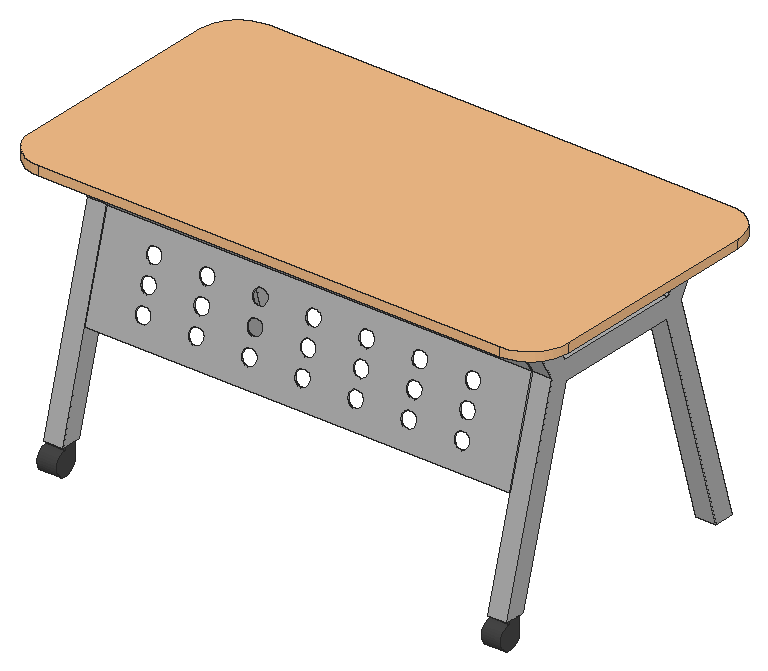
Revit family
Parameters (values of type "GD014(1400*750*720)")
  폭 = 1400 mm
  Assembly Code = ""
  상판 두께 = 22 mm
  데스크상판재료 = 데스크 상판
  다리 폭 = 50 mm
  높이 = 720 mm
  깊이 = 750 mm
  가림판 두께 = 1.6 mm
Reference planes
  plane 1 "Center (Front/Back)": y = 0
  plane 2: z = 0
  plane 3 "Center (Left/Right)": x = 0
  plane 4 "left": x = -700
  plane 5 "right": x = 700
  plane 6 "front": y = -375
  plane 7 "back": y = 375
  plane 8 "top": z = 720
  plane 9 "가림 상판": through (4267.2, -275, 688) normal (0, 0.866, 0.5)
  plane 10 "가림 하판": through (4267.2, -210, 575.417) normal (0, 0.9613, -0.2756)
Forms (mm)
  Extrusion 1, solid, material "데스크 상판" <- "데스크상판재료"
    sketch origin (0, 0, 0) x (1, 0, 0) y (0, 1, 0)
      loop
        arc (-600, 375) -> (-670.711, 345.711) -> (-700, 275) r 100
        line (-700, 275) -> (-700, -275)
        arc (-700, -275) -> (-670.711, -345.711) -> (-600, -375) r 100
        line (-600, -375) -> (600, -375)
        arc (600, -375) -> (670.711, -345.711) -> (700, -275) r 100
        line (700, -275) -> (700, 275)
        arc (700, 275) -> (670.711, 345.711) -> (600, 375) r 100
        line (600, 375) -> (-600, 375)
    from 698 to 720
  Extrusion 2, solid, material "알루미늄"
    sketch origin (-700, 0, 0) x (0, 1, 0) y (0, 0, 1)
      loop
        line (-275, 698) -> (-275, 688) -> (-210, 575.417) -> (-355.216, 68.994) -> (-345, 68.994) -> (-315, 68.994) -> (-303.201, 68.994) -> (-165.154, 550.417) -> (165.154, 550.417) -> (322.985, 0) -> (375, 0) -> (210, 575.417) -> (275, 688) -> (275, 698) -> (-275, 698)
      loop
        line (-217.265, 688) -> (-166.699, 600.417) -> (166.699, 600.417) -> (217.265, 688) -> (-217.265, 688)
    from 96.552 to 146.552
  Extrusion 3, solid, material "휠"
    sketch origin (-700, 0, 0) x (0, 1, 0) y (0, 0, 1)
      loop
        line (-345, 68.994) -> (-345, 60.044)
        arc (-345, 60.044) -> (-366.859, 9.004) -> (-315.478, 30.047) r 30
        line (-315.478, 30.047) -> (-315.478, 68.994) -> (-345, 68.994)
    from 96.552 to 146.552
  Extrusion 4, solid, material "알루미늄"
    sketch origin (600, 0, 0) x (0, 1, 0) y (0, 0, -1)
      loop
        line (-275, -698) -> (275, -698) -> (275, -688) -> (210, -575.417) -> (375, 0) -> (322.985, 0) -> (165.154, -550.417) -> (-165.154, -550.417) -> (-303.201, -68.994) -> (-315, -68.994) -> (-345, -68.994) -> (-355.216, -68.994) -> (-210, -575.417) -> (-275, -688) -> (-275, -698)
      loop
        line (-217.265, -688) -> (217.265, -688) -> (166.699, -600.417) -> (-166.699, -600.417) -> (-217.265, -688)
    from -3.448 to 46.552
  Extrusion 5, solid, material "휠"
    sketch origin (600, 0, 0) x (0, 1, 0) y (0, 0, -1)
      loop
        line (-345, -68.994) -> (-315.478, -68.994) -> (-315.478, -30.047)
        arc (-315.478, -30.047) -> (-366.859, -9.004) -> (-345, -60.044) r 30
        line (-345, -60.044) -> (-345, -68.994)
    from -3.448 to 46.552
  Extrusion 6, solid, material "알루미늄"
    sketch origin (-800, 0, 0) x (0, 1, 0) y (0, 0, 1)
      loop
        line (-275, 688) -> (-276.386, 687.2) -> (-211.725, 575.205) -> (-284.146, 322.646) -> (-282.608, 322.205) -> (-210, 575.417) -> (-275, 688)
    from 246.552 to 1353.448
  Extrusion 7, void
    sketch origin (0, 91.663, 52.922) x (0, -0.5, 0.866025) y (1, 0, 0)
      loop
        circle (671.785, -415.086) r 20
      loop
        circle (671.785, -276.724) r 20
      loop
        circle (671.785, -138.362) r 20
      loop
        circle (671.785, 0) r 20
      loop
        circle (671.785, 138.362) r 20
      loop
        circle (671.785, 276.724) r 20
      loop
        circle (671.785, 415.086) r 20
    from 0 to -1.6
  Extrusion 8, void
    sketch origin (0, -346.508, 99.361) x (0, 0.27564, 0.961261) y (1, 0, 0)
      loop
        circle (430.228, -415.086) r 20
      loop
        circle (430.228, -276.724) r 20
      loop
        circle (430.228, -138.362) r 20
      loop
        circle (430.228, 0) r 20
      loop
        circle (430.228, 138.362) r 20
      loop
        circle (430.228, 276.724) r 20
      loop
        circle (430.228, 415.086) r 20
      loop
        circle (365.228, -415.086) r 20
      loop
        circle (365.228, -276.724) r 20
      loop
        circle (365.228, -138.362) r 20
      loop
        circle (365.228, 0) r 20
      loop
        circle (365.228, 138.362) r 20
      loop
        circle (365.228, 276.724) r 20
      loop
        circle (365.228, 415.086) r 20
      loop
        circle (300.228, -415.086) r 20
      loop
        circle (300.228, -276.724) r 20
      loop
        circle (300.228, -138.362) r 20
      loop
        circle (300.228, 0) r 20
      loop
        circle (300.228, 138.362) r 20
      loop
        circle (300.228, 276.724) r 20
      loop
        circle (300.228, 415.086) r 20
    from 0 to -1.6
Cuts and joins
  Extrusion 7, Extrusion 8 cuts Extrusion 6
Dimensions and locks
  "깊이": plane 6 "front" to plane 7 "back"
  equal spacing: plane 6 "front", plane 1 "Center (Front/Back)", plane 7 "back"
  "높이": plane 8 "top" to level
  "폭": plane 4 "left" to plane 5 "right"
  equal spacing: plane 4 "left", plane 3 "Center (Left/Right)", plane 5 "right"
  "상판 두께": Extrusion 1 to Extrusion 1
  "다리 폭": Extrusion 2 to Extrusion 2
  "다리 폭": Extrusion 4 to Extrusion 4
  Extrusion 4 to Extrusion 5 = 40.478 mm
  equal spacing: Extrusion 2, plane 3 "Center (Left/Right)", Extrusion 4
  equal spacing: Extrusion 6, Extrusion 7 sketch curve, Extrusion 7 sketch curve, Extrusion 7 sketch curve, Extrusion 7 sketch curve, Extrusion 7 sketch curve, Extrusion 7 sketch curve, Extrusion 7 sketch curve, Extrusion 6
  "가림판 두께": cut or joined group of Extrusion 6, Extrusion 7, Extrusion 8 to Extrusion 4
  equal spacing: cut or joined group of Extrusion 6, Extrusion 7, Extrusion 8, Extrusion 8 sketch curve, Extrusion 8 sketch curve, Extrusion 8 sketch curve, Extrusion 8 sketch curve, Extrusion 8 sketch curve, Extrusion 8 sketch curve, Extrusion 8 sketch curve, cut or joined group of Extrusion 6, Extrusion 7, Extrusion 8  (x3)
  aligned and locked: plane 7 "back" to Extrusion 1 sketch curve
  aligned and locked: Extrusion 1 sketch curve to plane 5 "right"
  aligned and locked: plane 8 "top" to Extrusion 1
  aligned and locked: Extrusion 1 to Extrusion 2 sketch curve
  aligned and locked: level to Extrusion 2 sketch curve
  aligned and locked: Extrusion 3 sketch curve to Extrusion 2
  aligned and locked: plane 5 "right" to Extrusion 1
  aligned and locked: Extrusion 1 to plane 4 "left"
  aligned and locked: Extrusion 2 to Extrusion 3
  aligned and locked: Extrusion 3 to Extrusion 2
  aligned and locked: Extrusion 5 sketch curve to Extrusion 4
  aligned and locked: Extrusion 4 to Extrusion 5
  aligned and locked: Extrusion 5 to Extrusion 4
  aligned and locked: Extrusion 1 to Extrusion 2
  aligned and locked: Extrusion 6 to Extrusion 4
  aligned and locked: Extrusion 6 to Extrusion 2
  aligned and locked: cut or joined group of Extrusion 6, Extrusion 7, Extrusion 8 to Extrusion 4  (x2)
  aligned and locked: Extrusion 2 to Extrusion 4  (x6)
  aligned and locked: plane 10 "가림 하판" to Extrusion 4
  aligned and locked: plane 9 "가림 상판" to Extrusion 4
  aligned and locked: Extrusion 6 sketch curve to Extrusion 2  (x2)
Automatic sketch dimensions
  Extrusion 1 sketch curve to plane 4 "left" = 0 mm
  Extrusion 1 sketch curve to plane 6 "front" = 0 mm
  plane 4 "left" to Extrusion 1 sketch curve = 100 mm  (x2)
  Extrusion 1 sketch curve to plane 5 "right" = 100 mm
  Extrusion 1 sketch curve to Extrusion 1 sketch curve = 100 mm
  Extrusion 2 sketch curve to plane 7 "back" = 0 mm
  plane 7 "back" to Extrusion 2 sketch curve = 52.015 mm
  plane 7 "back" to Extrusion 2 sketch curve = 100 mm
  Extrusion 2 sketch curve to plane 8 "top" = 32 mm
  Extrusion 2 sketch curve to Extrusion 2 sketch curve = 57.735 mm  (x2)
  Extrusion 2 sketch curve to Extrusion 2 sketch curve = 7.265 mm
  Extrusion 2 sketch curve to Extrusion 2 sketch curve = 43.301 mm  (x2)
  Extrusion 2 sketch curve to Extrusion 2 sketch curve = 1.545 mm  (x2)
  plane 1 "Center (Front/Back)" to Extrusion 2 sketch curve = 165.154 mm
  Extrusion 2 sketch curve to Extrusion 2 sketch curve = 50.566 mm
  plane 6 "front" to Extrusion 2 sketch curve = 71.799 mm
  Extrusion 2 sketch curve to Extrusion 2 sketch curve = 11.799 mm
  Extrusion 2 sketch curve to Extrusion 2 sketch curve = 30 mm
  Extrusion 2 sketch curve to Extrusion 2 sketch curve = 10.216 mm
  level to Extrusion 2 sketch curve = 68.994 mm
  Extrusion 2 sketch curve to Extrusion 2 sketch curve = 137.583 mm
  Extrusion 2 sketch curve to Extrusion 2 sketch curve = 25 mm  (x3)
  Extrusion 2 sketch curve to Extrusion 2 sketch curve = 10 mm  (x2)
  plane 6 "front" to Extrusion 3 sketch curve = 29.522 mm
  Extrusion 3 sketch curve to Extrusion 3 sketch curve = 0.478 mm
  Extrusion 3 sketch curve to Extrusion 3 sketch curve = 29.522 mm
  Extrusion 3 sketch curve to Extrusion 3 sketch curve = 8.95 mm
  Extrusion 3 sketch curve to Extrusion 3 sketch curve = 0 mm
  Extrusion 4 sketch curve to level = 0 mm
  Extrusion 4 sketch curve to plane 7 "back" = 0 mm
  plane 7 "back" to Extrusion 4 sketch curve = 52.015 mm
  Extrusion 4 sketch curve to plane 8 "top" = 22 mm
  plane 7 "back" to Extrusion 4 sketch curve = 100 mm
  Extrusion 4 sketch curve to plane 8 "top" = 32 mm
  Extrusion 4 sketch curve to Extrusion 4 sketch curve = 57.735 mm  (x2)
  Extrusion 4 sketch curve to Extrusion 4 sketch curve = 7.265 mm
  Extrusion 4 sketch curve to Extrusion 4 sketch curve = 43.301 mm  (x2)
  Extrusion 4 sketch curve to Extrusion 4 sketch curve = 1.545 mm  (x2)
  plane 1 "Center (Front/Back)" to Extrusion 4 sketch curve = 165.154 mm
  Extrusion 4 sketch curve to Extrusion 4 sketch curve = 50.566 mm
  plane 6 "front" to Extrusion 4 sketch curve = 71.799 mm
  Extrusion 4 sketch curve to Extrusion 4 sketch curve = 11.799 mm
  Extrusion 4 sketch curve to Extrusion 4 sketch curve = 30 mm
  Extrusion 4 sketch curve to Extrusion 4 sketch curve = 10.216 mm
  Extrusion 4 sketch curve to Extrusion 4 sketch curve = 10 mm  (x2)
  Extrusion 4 sketch curve to Extrusion 4 sketch curve = 87.583 mm
  Extrusion 4 sketch curve to Extrusion 4 sketch curve = 25 mm  (x2)
  Extrusion 4 sketch curve to Extrusion 4 sketch curve = 50 mm
  level to Extrusion 4 sketch curve = 68.994 mm
  plane 6 "front" to Extrusion 5 sketch curve = 29.522 mm
  Extrusion 5 sketch curve to Extrusion 5 sketch curve = 0.478 mm
  Extrusion 5 sketch curve to Extrusion 5 sketch curve = 29.522 mm
  Extrusion 5 sketch curve to Extrusion 5 sketch curve = 8.95 mm
  Extrusion 5 sketch curve to Extrusion 5 sketch curve = 0 mm
  Extrusion 6 sketch curve to plane 8 "top" = 32 mm
  Extrusion 6 sketch curve to Extrusion 6 sketch curve = 1.386 mm
  plane 6 "front" to Extrusion 6 sketch curve = 90.854 mm
  Extrusion 6 sketch curve to Extrusion 6 sketch curve = 0.441 mm
  Extrusion 7 sketch curve to Extrusion 7 sketch curve = 0 mm  (x6)
  Extrusion 8 sketch curve to Extrusion 8 sketch curve = 0 mm  (x6)
  Extrusion 8 sketch curve to Extrusion 8 sketch curve = 65 mm  (x14)
  radius of Extrusion 7 sketch curve = 20 mm  (x7)
  radius of Extrusion 8 sketch curve = 20 mm  (x21)
